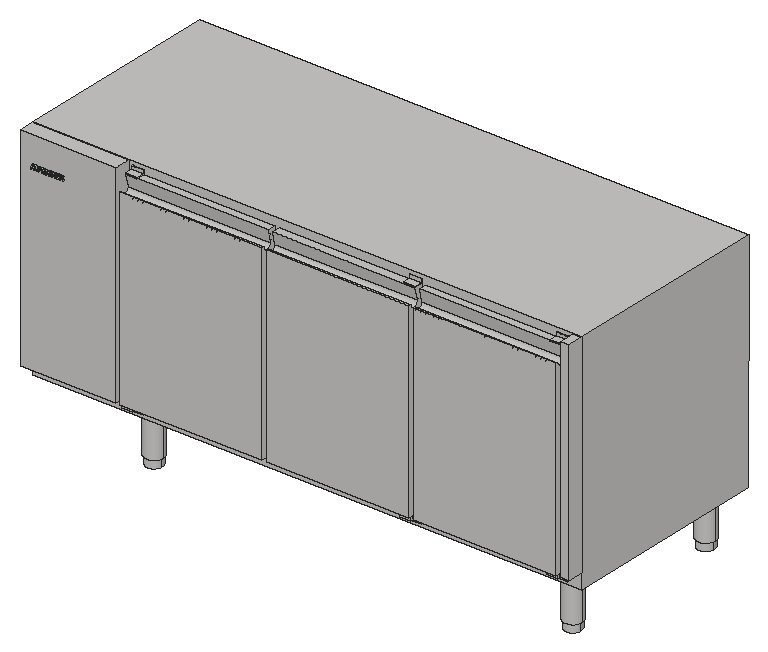
Revit family "QF_ALPENINOX_721041_AK3R7AAA", category Attrezzature speciali, Revit 2018 (continued)
Definition of nested family "HPC_APX_BI_TN_L"
  Lines and regions (mm)
    Split face 120
      outline origin (110, -951.3, 50) x (1, 0, 0) y (0, 1, 0)
        loop
          arc (-176.464, 599.474) -> (-172.464, 603.474) -> (-176.464, 607.474) r 4
          line (-176.464, 607.474) -> (-218.464, 607.474)
    Split face 121
      outline origin (220, -951.3, 50) x (1, 0, 0) y (0, 1, 0)
        loop
          arc (-273.464, 607.474) -> (-277.464, 603.474) -> (-273.464, 599.474) r 4
          line (-273.464, 599.474) -> (-231.464, 599.474)
          arc (-231.464, 599.474) -> (-227.464, 603.474) -> (-231.464, 607.474) r 4
          line (-231.464, 607.474) -> (-273.464, 607.474)
    Split face 122
      outline origin (0, -975.3, 50) x (1, 0, 0) y (0, 1, 0)
        loop
          arc (-163.464, 619.474) -> (-167.464, 615.474) -> (-163.464, 611.474) r 4
          line (-163.464, 611.474) -> (-121.464, 611.474)
          arc (-121.464, 611.474) -> (-117.464, 615.474) -> (-121.464, 619.474) r 4
          line (-121.464, 619.474) -> (-163.464, 619.474)
    Split face 123
      outline origin (330, -975.3, 50) x (1, 0, 0) y (0, 1, 0)
        loop
          arc (-328.464, 619.474) -> (-332.464, 615.474) -> (-328.464, 611.474) r 4
          line (-328.464, 611.474) -> (-286.464, 611.474)
          arc (-286.464, 611.474) -> (-282.464, 615.474) -> (-286.464, 619.474) r 4
          line (-286.464, 619.474) -> (-328.464, 619.474)
    Split face 124
      outline origin (110, -975.3, 50) x (1, 0, 0) y (0, 1, 0)
        loop
          arc (-218.464, 619.474) -> (-222.464, 615.474) -> (-218.464, 611.474) r 4
          line (-218.464, 611.474) -> (-176.464, 611.474)
          arc (-176.464, 611.474) -> (-172.464, 615.474) -> (-176.464, 619.474) r 4
          line (-176.464, 619.474) -> (-218.464, 619.474)
    Split face 125
      outline origin (220, -975.3, 50) x (1, 0, 0) y (0, 1, 0)
        loop
          arc (-273.464, 619.474) -> (-277.464, 615.474) -> (-273.464, 611.474) r 4
          line (-273.464, 611.474) -> (-231.464, 611.474)
          arc (-231.464, 611.474) -> (-227.464, 615.474) -> (-231.464, 619.474) r 4
          line (-231.464, 619.474) -> (-273.464, 619.474)
    Split face 126
      outline origin (0, -999.3, 50) x (1, 0, 0) y (0, 1, 0)
        loop
          arc (-163.464, 631.474) -> (-167.464, 627.474) -> (-163.464, 623.474) r 4
          line (-163.464, 623.474) -> (-121.464, 623.474)
          arc (-121.464, 623.474) -> (-117.464, 627.474) -> (-121.464, 631.474) r 4
          line (-121.464, 631.474) -> (-163.464, 631.474)
    Split face 127
      outline origin (330, -999.3, 50) x (1, 0, 0) y (0, 1, 0)
        loop
          arc (-328.464, 631.474) -> (-332.464, 627.474) -> (-328.464, 623.474) r 4
          line (-328.464, 623.474) -> (-286.464, 623.474)
          arc (-286.464, 623.474) -> (-282.464, 627.474) -> (-286.464, 631.474) r 4
          line (-286.464, 631.474) -> (-328.464, 631.474)
    Split face 128
      outline origin (110, -999.3, 50) x (1, 0, 0) y (0, 1, 0)
        loop
          arc (-218.464, 631.474) -> (-222.464, 627.474) -> (-218.464, 623.474) r 4
          line (-218.464, 623.474) -> (-176.464, 623.474)
          arc (-176.464, 623.474) -> (-172.464, 627.474) -> (-176.464, 631.474) r 4
          line (-176.464, 631.474) -> (-218.464, 631.474)
    Split face 129
      outline origin (220, -999.3, 50) x (1, 0, 0) y (0, 1, 0)
        loop
          arc (-273.464, 631.474) -> (-277.464, 627.474) -> (-273.464, 623.474) r 4
          line (-273.464, 623.474) -> (-231.464, 623.474)
          arc (-231.464, 623.474) -> (-227.464, 627.474) -> (-231.464, 631.474) r 4
          line (-231.464, 631.474) -> (-273.464, 631.474)
    Split face 130
      outline origin (0, -1023.3, 50) x (1, 0, 0) y (0, 1, 0)
        loop
          arc (-163.464, 643.474) -> (-167.464, 639.474) -> (-163.464, 635.474) r 4
          line (-163.464, 635.474) -> (-121.464, 635.474)
          arc (-121.464, 635.474) -> (-117.464, 639.474) -> (-121.464, 643.474) r 4
          line (-121.464, 643.474) -> (-163.464, 643.474)
    Split face 131
      outline origin (330, -1023.3, 50) x (1, 0, 0) y (0, 1, 0)
        loop
          arc (-328.464, 643.474) -> (-332.464, 639.474) -> (-328.464, 635.474) r 4
          line (-328.464, 635.474) -> (-286.464, 635.474)
          arc (-286.464, 635.474) -> (-282.464, 639.474) -> (-286.464, 643.474) r 4
          line (-286.464, 643.474) -> (-328.464, 643.474)
    Split face 132
      outline origin (110, -1023.3, 50) x (1, 0, 0) y (0, 1, 0)
        loop
          arc (-218.464, 643.474) -> (-222.464, 639.474) -> (-218.464, 635.474) r 4
          line (-218.464, 635.474) -> (-176.464, 635.474)
          arc (-176.464, 635.474) -> (-172.464, 639.474) -> (-176.464, 643.474) r 4
          line (-176.464, 643.474) -> (-218.464, 643.474)
    Split face 133
      outline origin (220, -1023.3, 50) x (1, 0, 0) y (0, 1, 0)
        loop
          arc (-273.464, 643.474) -> (-277.464, 639.474) -> (-273.464, 635.474) r 4
          line (-273.464, 635.474) -> (-231.464, 635.474)
          arc (-231.464, 635.474) -> (-227.464, 639.474) -> (-231.464, 643.474) r 4
          line (-231.464, 643.474) -> (-273.464, 643.474)
    symbolic lines
      curve 1: line (87.08, -74, 50) -> (87.08, -74, 0)
  Dimensions and locks
    equal spacing: plane 6, plane 1 "Center (Front/Back)", plane 7
    equal spacing: plane 4, plane 3 "Center (Left/Right)", plane 5
    aligned and locked: plane 2 to Extrusion 1
    aligned and locked: level to Extrusion 1
  Automatic sketch dimensions
    Split face 5 sketch curve to Split face 5 sketch curve = 42 mm
    Split face 5 sketch curve to Split face 5 sketch curve = 4 mm
    Split face 6 sketch curve to Split face 6 sketch curve = 42 mm
    Split face 6 sketch curve to Split face 6 sketch curve = 4 mm
    Split face 7 sketch curve to Split face 7 sketch curve = 42 mm
    Split face 7 sketch curve to Split face 7 sketch curve = 4 mm
    Split face 8 sketch curve to Split face 8 sketch curve = 42 mm
    Split face 8 sketch curve to Split face 8 sketch curve = 4 mm
    Split face 9 sketch curve to Split face 9 sketch curve = 42 mm
    Split face 9 sketch curve to Split face 9 sketch curve = 4 mm
    Split face 10 sketch curve to Split face 10 sketch curve = 42 mm
    Split face 10 sketch curve to Split face 10 sketch curve = 4 mm
    Split face 11 sketch curve to Split face 11 sketch curve = 42 mm
    Split face 11 sketch curve to Split face 11 sketch curve = 4 mm
    Split face 12 sketch curve to Split face 12 sketch curve = 42 mm
    Split face 12 sketch curve to Split face 12 sketch curve = 4 mm
    Split face 13 sketch curve to Split face 13 sketch curve = 42 mm
    Split face 13 sketch curve to Split face 13 sketch curve = 4 mm
    Split face 14 sketch curve to Split face 14 sketch curve = 42 mm
    Split face 14 sketch curve to Split face 14 sketch curve = 4 mm
    Split face 15 sketch curve to Split face 15 sketch curve = 42 mm
    Split face 15 sketch curve to Split face 15 sketch curve = 4 mm
    Split face 16 sketch curve to Split face 16 sketch curve = 42 mm
    Split face 16 sketch curve to Split face 16 sketch curve = 4 mm
    Split face 17 sketch curve to Split face 17 sketch curve = 42 mm
    Split face 17 sketch curve to Split face 17 sketch curve = 4 mm
    Split face 18 sketch curve to Split face 18 sketch curve = 42 mm
    Split face 18 sketch curve to Split face 18 sketch curve = 4 mm
    Split face 19 sketch curve to Split face 19 sketch curve = 42 mm
    Split face 19 sketch curve to Split face 19 sketch curve = 4 mm
    Split face 20 sketch curve to Split face 20 sketch curve = 42 mm
    Split face 20 sketch curve to Split face 20 sketch curve = 4 mm
    Split face 21 sketch curve to Split face 21 sketch curve = 42 mm
    Split face 21 sketch curve to Split face 21 sketch curve = 4 mm
    Split face 22 sketch curve to Split face 22 sketch curve = 42 mm
    Split face 22 sketch curve to Split face 22 sketch curve = 4 mm
    Split face 23 sketch curve to Split face 23 sketch curve = 42 mm
    Split face 23 sketch curve to Split face 23 sketch curve = 4 mm
    Split face 24 sketch curve to Split face 24 sketch curve = 42 mm
    Split face 24 sketch curve to Split face 24 sketch curve = 4 mm
    Split face 25 sketch curve to Split face 25 sketch curve = 42 mm
    Split face 25 sketch curve to Split face 25 sketch curve = 4 mm
    Split face 26 sketch curve to Split face 26 sketch curve = 42 mm
    Split face 26 sketch curve to Split face 26 sketch curve = 4 mm
    Split face 27 sketch curve to Split face 27 sketch curve = 42 mm
    Split face 27 sketch curve to Split face 27 sketch curve = 4 mm
    Split face 28 sketch curve to Split face 28 sketch curve = 42 mm
    Split face 28 sketch curve to Split face 28 sketch curve = 4 mm
    Split face 29 sketch curve to Split face 29 sketch curve = 42 mm
    Split face 29 sketch curve to Split face 29 sketch curve = 4 mm
    Split face 30 sketch curve to Split face 30 sketch curve = 42 mm
    Split face 30 sketch curve to Split face 30 sketch curve = 4 mm
    Split face 31 sketch curve to Split face 31 sketch curve = 42 mm
    Split face 31 sketch curve to Split face 31 sketch curve = 4 mm
    Split face 32 sketch curve to Split face 32 sketch curve = 42 mm
    Split face 32 sketch curve to Split face 32 sketch curve = 4 mm
    Split face 33 sketch curve to Split face 33 sketch curve = 42 mm
    Split face 33 sketch curve to Split face 33 sketch curve = 4 mm
    Split face 34 sketch curve to Split face 34 sketch curve = 42 mm
    Split face 34 sketch curve to Split face 34 sketch curve = 4 mm
    Split face 35 sketch curve to Split face 35 sketch curve = 42 mm
    Split face 35 sketch curve to Split face 35 sketch curve = 4 mm
    Split face 36 sketch curve to Split face 36 sketch curve = 42 mm
    Split face 36 sketch curve to Split face 36 sketch curve = 4 mm
    Split face 37 sketch curve to Split face 37 sketch curve = 42 mm
    Split face 37 sketch curve to Split face 37 sketch curve = 4 mm
    Split face 38 sketch curve to Split face 38 sketch curve = 42 mm
    Split face 38 sketch curve to Split face 38 sketch curve = 4 mm
    Split face 39 sketch curve to Split face 39 sketch curve = 42 mm
    Split face 39 sketch curve to Split face 39 sketch curve = 4 mm
    Split face 40 sketch curve to Split face 40 sketch curve = 42 mm
    Split face 40 sketch curve to Split face 40 sketch curve = 4 mm
    Split face 41 sketch curve to Split face 41 sketch curve = 42 mm
    Split face 41 sketch curve to Split face 41 sketch curve = 4 mm
    Split face 42 sketch curve to Split face 42 sketch curve = 42 mm
    Split face 42 sketch curve to Split face 42 sketch curve = 4 mm
    Split face 43 sketch curve to Split face 43 sketch curve = 42 mm
    Split face 43 sketch curve to Split face 43 sketch curve = 4 mm
    Split face 44 sketch curve to Split face 44 sketch curve = 42 mm
    Split face 44 sketch curve to Split face 44 sketch curve = 4 mm
    Split face 45 sketch curve to Split face 45 sketch curve = 42 mm
    Split face 45 sketch curve to Split face 45 sketch curve = 4 mm
    Split face 46 sketch curve to Split face 46 sketch curve = 42 mm
    Split face 46 sketch curve to Split face 46 sketch curve = 4 mm
    Split face 47 sketch curve to Split face 47 sketch curve = 42 mm
    Split face 47 sketch curve to Split face 47 sketch curve = 4 mm
    Split face 48 sketch curve to Split face 48 sketch curve = 42 mm
    Split face 48 sketch curve to Split face 48 sketch curve = 4 mm
    Split face 49 sketch curve to Split face 49 sketch curve = 42 mm
    Split face 49 sketch curve to Split face 49 sketch curve = 4 mm
    Split face 50 sketch curve to Split face 50 sketch curve = 42 mm
    Split face 50 sketch curve to Split face 50 sketch curve = 4 mm
    Split face 51 sketch curve to Split face 51 sketch curve = 42 mm
    Split face 51 sketch curve to Split face 51 sketch curve = 4 mm
    Split face 52 sketch curve to Split face 52 sketch curve = 42 mm
    Split face 52 sketch curve to Split face 52 sketch curve = 4 mm
    Split face 53 sketch curve to Split face 53 sketch curve = 42 mm
    Split face 53 sketch curve to Split face 53 sketch curve = 4 mm
    Split face 54 sketch curve to Split face 54 sketch curve = 42 mm
    Split face 54 sketch curve to Split face 54 sketch curve = 4 mm
    Split face 55 sketch curve to Split face 55 sketch curve = 42 mm
    Split face 55 sketch curve to Split face 55 sketch curve = 4 mm
    Split face 56 sketch curve to Split face 56 sketch curve = 42 mm
    Split face 56 sketch curve to Split face 56 sketch curve = 4 mm
    Split face 57 sketch curve to Split face 57 sketch curve = 42 mm
    Split face 57 sketch curve to Split face 57 sketch curve = 4 mm
    Split face 58 sketch curve to Split face 58 sketch curve = 42 mm
    Split face 58 sketch curve to Split face 58 sketch curve = 4 mm
    Split face 59 sketch curve to Split face 59 sketch curve = 42 mm
    Split face 59 sketch curve to Split face 59 sketch curve = 4 mm
    Split face 60 sketch curve to Split face 60 sketch curve = 42 mm
    Split face 60 sketch curve to Split face 60 sketch curve = 4 mm
    Split face 61 sketch curve to Split face 61 sketch curve = 42 mm
    Split face 61 sketch curve to Split face 61 sketch curve = 4 mm
    Split face 62 sketch curve to Split face 62 sketch curve = 42 mm
    Split face 62 sketch curve to Split face 62 sketch curve = 4 mm
    Split face 63 sketch curve to Split face 63 sketch curve = 42 mm
    Split face 63 sketch curve to Split face 63 sketch curve = 4 mm
    Split face 64 sketch curve to Split face 64 sketch curve = 42 mm
    Split face 64 sketch curve to Split face 64 sketch curve = 4 mm
    Split face 65 sketch curve to Split face 65 sketch curve = 42 mm
    Split face 65 sketch curve to Split face 65 sketch curve = 4 mm
    Split face 66 sketch curve to Split face 66 sketch curve = 42 mm
    Split face 66 sketch curve to Split face 66 sketch curve = 4 mm
    Split face 67 sketch curve to Split face 67 sketch curve = 42 mm
    Split face 67 sketch curve to Split face 67 sketch curve = 4 mm
    Split face 68 sketch curve to Split face 68 sketch curve = 42 mm
    Split face 68 sketch curve to Split face 68 sketch curve = 4 mm
    Split face 70 sketch curve to Split face 70 sketch curve = 42 mm
    Split face 70 sketch curve to Split face 70 sketch curve = 4 mm
    Split face 71 sketch curve to Split face 71 sketch curve = 42 mm
    Split face 71 sketch curve to Split face 71 sketch curve = 4 mm
    Split face 72 sketch curve to Split face 72 sketch curve = 42 mm
    Split face 72 sketch curve to Split face 72 sketch curve = 4 mm
    Split face 73 sketch curve to Split face 73 sketch curve = 42 mm
    Split face 73 sketch curve to Split face 73 sketch curve = 4 mm
    Split face 74 sketch curve to Split face 74 sketch curve = 42 mm
    Split face 74 sketch curve to Split face 74 sketch curve = 4 mm
    Split face 75 sketch curve to Split face 75 sketch curve = 42 mm
    Split face 75 sketch curve to Split face 75 sketch curve = 4 mm
    Split face 76 sketch curve to Split face 76 sketch curve = 42 mm
    Split face 76 sketch curve to Split face 76 sketch curve = 4 mm
    Split face 77 sketch curve to Split face 77 sketch curve = 42 mm
    Split face 77 sketch curve to Split face 77 sketch curve = 4 mm
    Split face 78 sketch curve to Split face 78 sketch curve = 42 mm
    Split face 78 sketch curve to Split face 78 sketch curve = 4 mm
    Split face 79 sketch curve to Split face 79 sketch curve = 42 mm
    Split face 79 sketch curve to Split face 79 sketch curve = 4 mm
    Split face 80 sketch curve to Split face 80 sketch curve = 42 mm
    Split face 80 sketch curve to Split face 80 sketch curve = 4 mm
    Split face 81 sketch curve to Split face 81 sketch curve = 42 mm
    Split face 81 sketch curve to Split face 81 sketch curve = 4 mm
    Split face 82 sketch curve to Split face 82 sketch curve = 42 mm
    Split face 82 sketch curve to Split face 82 sketch curve = 4 mm
    Split face 83 sketch curve to Split face 83 sketch curve = 42 mm
    Split face 83 sketch curve to Split face 83 sketch curve = 4 mm
    Split face 84 sketch curve to Split face 84 sketch curve = 42 mm
    Split face 84 sketch curve to Split face 84 sketch curve = 4 mm
    Split face 85 sketch curve to Split face 85 sketch curve = 42 mm
    Split face 85 sketch curve to Split face 85 sketch curve = 4 mm
    Split face 86 sketch curve to Split face 86 sketch curve = 42 mm
    Split face 86 sketch curve to Split face 86 sketch curve = 4 mm
    Split face 87 sketch curve to Split face 87 sketch curve = 42 mm
    Split face 87 sketch curve to Split face 87 sketch curve = 4 mm
    Split face 88 sketch curve to Split face 88 sketch curve = 42 mm
    Split face 88 sketch curve to Split face 88 sketch curve = 4 mm
    Split face 89 sketch curve to Split face 89 sketch curve = 42 mm
    Split face 89 sketch curve to Split face 89 sketch curve = 4 mm
    Split face 90 sketch curve to Split face 90 sketch curve = 42 mm
    Split face 90 sketch curve to Split face 90 sketch curve = 4 mm
    Split face 91 sketch curve to Split face 91 sketch curve = 42 mm
    Split face 91 sketch curve to Split face 91 sketch curve = 4 mm
    Split face 92 sketch curve to Split face 92 sketch curve = 42 mm
    Split face 92 sketch curve to Split face 92 sketch curve = 4 mm
    Split face 93 sketch curve to Split face 93 sketch curve = 42 mm
    Split face 93 sketch curve to Split face 93 sketch curve = 4 mm
    Split face 94 sketch curve to Split face 94 sketch curve = 42 mm
    Split face 94 sketch curve to Split face 94 sketch curve = 4 mm
    Split face 95 sketch curve to Split face 95 sketch curve = 42 mm
    Split face 95 sketch curve to Split face 95 sketch curve = 4 mm
    Split face 96 sketch curve to Split face 96 sketch curve = 42 mm
    Split face 96 sketch curve to Split face 96 sketch curve = 4 mm
    Split face 97 sketch curve to Split face 97 sketch curve = 42 mm
    Split face 97 sketch curve to Split face 97 sketch curve = 4 mm
    Split face 98 sketch curve to Split face 98 sketch curve = 42 mm
    Split face 98 sketch curve to Split face 98 sketch curve = 4 mm
    Split face 99 sketch curve to Split face 99 sketch curve = 42 mm
    Split face 99 sketch curve to Split face 99 sketch curve = 4 mm
    Split face 100 sketch curve to Split face 100 sketch curve = 42 mm
    Split face 100 sketch curve to Split face 100 sketch curve = 4 mm
    Split face 101 sketch curve to Split face 101 sketch curve = 42 mm
    Split face 101 sketch curve to Split face 101 sketch curve = 4 mm
    Split face 102 sketch curve to Split face 102 sketch curve = 42 mm
    Split face 102 sketch curve to Split face 102 sketch curve = 4 mm
    Split face 103 sketch curve to Split face 103 sketch curve = 42 mm
    Split face 103 sketch curve to Split face 103 sketch curve = 4 mm
    Split face 104 sketch curve to Split face 104 sketch curve = 42 mm
    Split face 104 sketch curve to Split face 104 sketch curve = 4 mm
    Split face 105 sketch curve to Split face 105 sketch curve = 42 mm
    Split face 105 sketch curve to Split face 105 sketch curve = 4 mm
    Split face 106 sketch curve to Split face 106 sketch curve = 42 mm
    Split face 106 sketch curve to Split face 106 sketch curve = 4 mm
    Split face 107 sketch curve to Split face 107 sketch curve = 42 mm
    Split face 107 sketch curve to Split face 107 sketch curve = 4 mm
    Split face 108 sketch curve to Split face 108 sketch curve = 42 mm
    Split face 108 sketch curve to Split face 108 sketch curve = 4 mm
    Split face 109 sketch curve to Split face 109 sketch curve = 42 mm
    Split face 109 sketch curve to Split face 109 sketch curve = 4 mm
    Split face 110 sketch curve to Split face 110 sketch curve = 42 mm
    Split face 110 sketch curve to Split face 110 sketch curve = 4 mm
    Split face 111 sketch curve to Split face 111 sketch curve = 42 mm
    Split face 111 sketch curve to Split face 111 sketch curve = 4 mm
    Split face 112 sketch curve to Split face 112 sketch curve = 42 mm
    Split face 112 sketch curve to Split face 112 sketch curve = 4 mm
    Split face 113 sketch curve to Split face 113 sketch curve = 42 mm
    Split face 113 sketch curve to Split face 113 sketch curve = 4 mm
    Split face 114 sketch curve to Split face 114 sketch curve = 42 mm
    Split face 114 sketch curve to Split face 114 sketch curve = 4 mm
    Split face 115 sketch curve to Split face 115 sketch curve = 42 mm
    Split face 115 sketch curve to Split face 115 sketch curve = 4 mm
    Split face 116 sketch curve to Split face 116 sketch curve = 42 mm
    Split face 116 sketch curve to Split face 116 sketch curve = 4 mm
    Split face 117 sketch curve to Split face 117 sketch curve = 42 mm
    Split face 117 sketch curve to Split face 117 sketch curve = 4 mm
    Split face 118 sketch curve to Split face 118 sketch curve = 42 mm
    Split face 118 sketch curve to Split face 118 sketch curve = 4 mm
    Split face 119 sketch curve to Split face 119 sketch curve = 42 mm
    Split face 119 sketch curve to Split face 119 sketch curve = 4 mm
    Split face 120 sketch curve to Split face 120 sketch curve = 42 mm
    Split face 120 sketch curve to Split face 120 sketch curve = 4 mm
    Split face 121 sketch curve to Split face 121 sketch curve = 42 mm
    Split face 121 sketch curve to Split face 121 sketch curve = 4 mm
    Split face 122 sketch curve to Split face 122 sketch curve = 42 mm
    Split face 122 sketch curve to Split face 122 sketch curve = 4 mm
    Split face 123 sketch curve to Split face 123 sketch curve = 42 mm
    Split face 123 sketch curve to Split face 123 sketch curve = 4 mm
    Split face 124 sketch curve to Split face 124 sketch curve = 42 mm
    Split face 124 sketch curve to Split face 124 sketch curve = 4 mm
    Split face 125 sketch curve to Split face 125 sketch curve = 42 mm
    Split face 125 sketch curve to Split face 125 sketch curve = 4 mm
    Split face 126 sketch curve to Split face 126 sketch curve = 42 mm
    Split face 126 sketch curve to Split face 126 sketch curve = 4 mm
    Split face 127 sketch curve to Split face 127 sketch curve = 42 mm
    Split face 127 sketch curve to Split face 127 sketch curve = 4 mm
    Split face 128 sketch curve to Split face 128 sketch curve = 42 mm
    Split face 128 sketch curve to Split face 128 sketch curve = 4 mm
    Split face 129 sketch curve to Split face 129 sketch curve = 42 mm
    Split face 129 sketch curve to Split face 129 sketch curve = 4 mm
    Split face 130 sketch curve to Split face 130 sketch curve = 42 mm
    Split face 130 sketch curve to Split face 130 sketch curve = 4 mm
    Split face 131 sketch curve to Split face 131 sketch curve = 42 mm
    Split face 131 sketch curve to Split face 131 sketch curve = 4 mm
    Split face 132 sketch curve to Split face 132 sketch curve = 42 mm
    Split face 132 sketch curve to Split face 132 sketch curve = 4 mm
    Split face 133 sketch curve to Split face 133 sketch curve = 42 mm
    Split face 133 sketch curve to Split face 133 sketch curve = 4 mm
    Extrusion 1 sketch curve to Extrusion 1 sketch curve = 2438.4 mm  (x2)
    Extrusion 2 sketch curve to plane 4 = 0 mm
    Extrusion 2 sketch curve to plane 5 = 0 mm
    Extrusion 2 sketch curve to plane 7 = 0 mm
    Extrusion 2 sketch curve to plane 6 = 0 mm
    Split face 1 sketch curve to Extrusion 2 = 0 mm  (x2)
    Split face 1 sketch curve to Extrusion 2 = 34 mm
    Split face 1 sketch curve to Extrusion 2 = 104 mm
    Split face 1 sketch curve to Split face 1 sketch curve = 17.5 mm
    Split face 2 sketch curve to Extrusion 2 = 130.5 mm
    Split face 2 sketch curve to Extrusion 2 = 60.5 mm
    Split face 2 sketch curve to Extrusion 2 = 98 mm
    Split face 2 sketch curve to Split face 2 sketch curve = 23 mm
    Split face 3 sketch curve to Extrusion 2 = 80.5 mm
    Split face 3 sketch curve to Split face 3 sketch curve = 17 mm  (x2)
    Split face 3 sketch curve to Extrusion 2 = 95 mm
    plane 4 to Extrusion 3 sketch curve = 34.51 mm
    Extrusion 3 sketch curve to Extrusion 3 sketch curve = 1.266 mm
    Extrusion 3 sketch curve to Extrusion 3 sketch curve = 1.307 mm
    Extrusion 3 sketch curve to Extrusion 3 sketch curve = 0.57 mm
    Extrusion 3 sketch curve to Extrusion 3 sketch curve = 0.593 mm
    Extrusion 3 sketch curve to Extrusion 3 sketch curve = 0.799 mm
    Extrusion 3 sketch curve to Extrusion 3 sketch curve = 1.99 mm  (x2)
    Extrusion 3 sketch curve to Extrusion 3 sketch curve = 0.003 mm
    Extrusion 3 sketch curve to Extrusion 3 sketch curve = 3.534 mm
    Extrusion 3 sketch curve to Extrusion 3 sketch curve = 0.835 mm
    Extrusion 3 sketch curve to Extrusion 3 sketch curve = 0.56 mm
    Extrusion 3 sketch curve to Extrusion 3 sketch curve = 1.268 mm
    Extrusion 3 sketch curve to Extrusion 3 sketch curve = 1.223 mm
    Extrusion 3 sketch curve to Extrusion 3 sketch curve = 1.344 mm
    Extrusion 3 sketch curve to Extrusion 3 sketch curve = 1.394 mm  (x2)
    Extrusion 3 sketch curve to Extrusion 3 sketch curve = 1.512 mm
    Extrusion 3 sketch curve to Extrusion 3 sketch curve = 3.309 mm
    Extrusion 3 sketch curve to Extrusion 3 sketch curve = 5.841 mm
    Extrusion 3 sketch curve to Extrusion 3 sketch curve = 1.393 mm
    Extrusion 3 sketch curve to Extrusion 3 sketch curve = 1.439 mm
    Extrusion 3 sketch curve to Extrusion 3 sketch curve = 0 mm  (x19)
    Extrusion 3 sketch curve to Extrusion 3 sketch curve = 1.902 mm
    Extrusion 3 sketch curve to Extrusion 3 sketch curve = 0.052 mm
    Extrusion 3 sketch curve to Extrusion 3 sketch curve = 2.065 mm
    Extrusion 3 sketch curve to Extrusion 3 sketch curve = 0.647 mm
    Extrusion 3 sketch curve to Extrusion 3 sketch curve = 8.079 mm
    Extrusion 3 sketch curve to Extrusion 3 sketch curve = 0.073 mm
    Extrusion 3 sketch curve to Extrusion 3 sketch curve = 2.145 mm
    Extrusion 3 sketch curve to Extrusion 3 sketch curve = 2.931 mm
    Extrusion 3 sketch curve to Extrusion 3 sketch curve = 0.213 mm
    Extrusion 3 sketch curve to Extrusion 3 sketch curve = 0.026 mm
    Extrusion 3 sketch curve to Extrusion 3 sketch curve = 0.263 mm
    Extrusion 3 sketch curve to Extrusion 3 sketch curve = 0.516 mm
    Extrusion 3 sketch curve to Extrusion 3 sketch curve = 0.356 mm
    Extrusion 3 sketch curve to Extrusion 3 sketch curve = 0.387 mm
    Extrusion 3 sketch curve to Extrusion 3 sketch curve = 2.378 mm
    Extrusion 3 sketch curve to Extrusion 3 sketch curve = 2.466 mm
    Extrusion 3 sketch curve to Extrusion 3 sketch curve = 0.602 mm
    Extrusion 3 sketch curve to Extrusion 3 sketch curve = 1.02 mm
    Extrusion 3 sketch curve to Extrusion 3 sketch curve = 0.949 mm
    Extrusion 3 sketch curve to Extrusion 3 sketch curve = 1.728 mm
    Extrusion 3 sketch curve to Extrusion 3 sketch curve = 0.157 mm  (x2)
    Extrusion 3 sketch curve to Extrusion 3 sketch curve = 0.292 mm
    Extrusion 3 sketch curve to Extrusion 3 sketch curve = 3.565 mm
    Extrusion 3 sketch curve to Extrusion 3 sketch curve = 1.396 mm  (x2)
    Extrusion 3 sketch curve to Extrusion 3 sketch curve = 1.418 mm  (x2)
    Extrusion 3 sketch curve to Extrusion 3 sketch curve = 1.151 mm  (x2)
    Extrusion 3 sketch curve to Extrusion 3 sketch curve = 5.709 mm  (x2)
    Extrusion 3 sketch curve to Extrusion 3 sketch curve = 0.224 mm  (x2)
    Extrusion 3 sketch curve to Extrusion 3 sketch curve = 1.149 mm  (x2)
    Extrusion 3 sketch curve to Extrusion 3 sketch curve = 1.395 mm  (x2)
    Extrusion 3 sketch curve to Extrusion 3 sketch curve = 1.744 mm
    Extrusion 3 sketch curve to Extrusion 3 sketch curve = 1.745 mm
    Extrusion 3 sketch curve to Extrusion 3 sketch curve = 6.963 mm
    Extrusion 3 sketch curve to Extrusion 3 sketch curve = 0.493 mm  (x3)
    Extrusion 3 sketch curve to Extrusion 3 sketch curve = 0.273 mm  (x2)
    Extrusion 3 sketch curve to Extrusion 3 sketch curve = 0.021 mm  (x2)
    Extrusion 3 sketch curve to Extrusion 3 sketch curve = 0.226 mm  (x2)
    Extrusion 3 sketch curve to Extrusion 3 sketch curve = 0.268 mm  (x2)
    Extrusion 3 sketch curve to Extrusion 3 sketch curve = 0.294 mm
    Extrusion 3 sketch curve to Extrusion 3 sketch curve = 5.238 mm
    Extrusion 3 sketch curve to Extrusion 3 sketch curve = 5.908 mm
    Extrusion 3 sketch curve to Extrusion 3 sketch curve = 1.109 mm  (x2)
    Extrusion 3 sketch curve to Extrusion 3 sketch curve = 1.108 mm  (x2)
    Extrusion 3 sketch curve to Extrusion 3 sketch curve = 1.142 mm  (x2)
    Extrusion 3 sketch curve to Extrusion 3 sketch curve = 1.216 mm  (x2)
    Extrusion 3 sketch curve to Extrusion 3 sketch curve = 3.013 mm
    Extrusion 3 sketch curve to Extrusion 3 sketch curve = 1.616 mm  (x3)
    Extrusion 3 sketch curve to Extrusion 3 sketch curve = 2.305 mm
    Extrusion 3 sketch curve to Extrusion 3 sketch curve = 3.049 mm
    Extrusion 3 sketch curve to plane 6 = 93.469 mm
    Extrusion 3 sketch curve to Extrusion 3 sketch curve = 0.498 mm
    Extrusion 3 sketch curve to Extrusion 3 sketch curve = 0.682 mm
    Extrusion 3 sketch curve to Extrusion 3 sketch curve = 0.664 mm
    Extrusion 3 sketch curve to Extrusion 3 sketch curve = 0.425 mm
    Extrusion 3 sketch curve to Extrusion 3 sketch curve = 0.41 mm
    Extrusion 3 sketch curve to Extrusion 3 sketch curve = 1.272 mm
    Extrusion 3 sketch curve to Extrusion 3 sketch curve = 0.789 mm  (x2)
    Extrusion 3 sketch curve to Extrusion 3 sketch curve = 0.056 mm
    Extrusion 3 sketch curve to Extrusion 3 sketch curve = 0.83 mm
    Extrusion 3 sketch curve to Extrusion 3 sketch curve = 1.238 mm
    Extrusion 3 sketch curve to Extrusion 3 sketch curve = 1.732 mm
    Extrusion 3 sketch curve to Extrusion 3 sketch curve = 0.346 mm
    Extrusion 3 sketch curve to Extrusion 3 sketch curve = 1.123 mm
    Extrusion 3 sketch curve to Extrusion 3 sketch curve = 3.023 mm
    Extrusion 3 sketch curve to Extrusion 3 sketch curve = 4.203 mm
    Extrusion 3 sketch curve to Extrusion 3 sketch curve = 3.452 mm  (x2)
    Extrusion 3 sketch curve to Extrusion 3 sketch curve = 2.544 mm
    Extrusion 3 sketch curve to Extrusion 3 sketch curve = 1.177 mm
    Extrusion 3 sketch curve to Extrusion 3 sketch curve = 3.261 mm
    Extrusion 3 sketch curve to Extrusion 3 sketch curve = 0.352 mm  (x2)
    Extrusion 3 sketch curve to Extrusion 3 sketch curve = 1.987 mm
    Extrusion 3 sketch curve to Extrusion 3 sketch curve = 0.171 mm
    Extrusion 3 sketch curve to Extrusion 3 sketch curve = 0.533 mm  (x3)
    Extrusion 3 sketch curve to Extrusion 3 sketch curve = 0.14 mm  (x4)
    Extrusion 3 sketch curve to Extrusion 3 sketch curve = 0.473 mm
    Extrusion 3 sketch curve to Extrusion 3 sketch curve = 0.31 mm  (x2)
    Extrusion 3 sketch curve to Extrusion 3 sketch curve = 0.075 mm
    Extrusion 3 sketch curve to Extrusion 3 sketch curve = 2.431 mm
    Extrusion 3 sketch curve to Extrusion 3 sketch curve = 2.32 mm  (x2)
    Extrusion 3 sketch curve to Extrusion 3 sketch curve = 1.992 mm
    Extrusion 3 sketch curve to Extrusion 3 sketch curve = 0.674 mm
    Extrusion 3 sketch curve to Extrusion 3 sketch curve = 0.732 mm
    Extrusion 3 sketch curve to Extrusion 3 sketch curve = 0.388 mm
    Extrusion 3 sketch curve to Extrusion 3 sketch curve = 0.121 mm
    Extrusion 3 sketch curve to Extrusion 3 sketch curve = 2.589 mm
    Extrusion 3 sketch curve to Extrusion 3 sketch curve = 0.662 mm
    Extrusion 3 sketch curve to Extrusion 3 sketch curve = 3.473 mm
    Extrusion 3 sketch curve to Extrusion 3 sketch curve = 0.681 mm
    Extrusion 3 sketch curve to Extrusion 3 sketch curve = 1.615 mm
    Extrusion 3 sketch curve to Extrusion 3 sketch curve = 0.34 mm
    Extrusion 3 sketch curve to Extrusion 3 sketch curve = 2.288 mm
    Extrusion 3 sketch curve to Extrusion 3 sketch curve = 0.942 mm
    Extrusion 3 sketch curve to Extrusion 3 sketch curve = 5.4 mm
    Extrusion 3 sketch curve to Extrusion 3 sketch curve = 1.768 mm  (x2)
    Extrusion 3 sketch curve to Extrusion 3 sketch curve = 0.761 mm
    Extrusion 3 sketch curve to Extrusion 3 sketch curve = 0.996 mm
    Extrusion 3 sketch curve to Extrusion 3 sketch curve = 3.543 mm  (x2)
    Extrusion 3 sketch curve to Extrusion 3 sketch curve = 7.017 mm
    Extrusion 3 sketch curve to Extrusion 3 sketch curve = 0.11 mm
    Extrusion 3 sketch curve to Extrusion 3 sketch curve = 0.823 mm  (x2)
    Extrusion 3 sketch curve to Extrusion 3 sketch curve = 0.947 mm
    Extrusion 3 sketch curve to Extrusion 3 sketch curve = 3.837 mm
    Extrusion 3 sketch curve to Extrusion 3 sketch curve = 0.623 mm
    Extrusion 3 sketch curve to Extrusion 3 sketch curve = 1.082 mm
    Extrusion 3 sketch curve to Extrusion 3 sketch curve = 0.801 mm
    Extrusion 3 sketch curve to Extrusion 3 sketch curve = 1 mm
    Extrusion 3 sketch curve to Extrusion 3 sketch curve = 0.089 mm
    Extrusion 3 sketch curve to Extrusion 3 sketch curve = 4.257 mm
    Extrusion 3 sketch curve to Extrusion 3 sketch curve = 4.345 mm  (x2)
    Extrusion 3 sketch curve to Extrusion 3 sketch curve = 2.576 mm
    Extrusion 3 sketch curve to Extrusion 3 sketch curve = 1.385 mm  (x4)
    Extrusion 3 sketch curve to Extrusion 3 sketch curve = 2.133 mm  (x4)
    Extrusion 3 sketch curve to Extrusion 3 sketch curve = 3.518 mm
    Extrusion 3 sketch curve to Extrusion 3 sketch curve = 5.603 mm
    Extrusion 3 sketch curve to Extrusion 3 sketch curve = 2.571 mm
    Split face 4 sketch curve to Extrusion 2 = 0 mm  (x2)
    Split face 4 sketch curve to Extrusion 2 = 64 mm
    Split face 69 sketch curve to Extrusion 2 = 0 mm  (x2)
    Split face 69 sketch curve to Extrusion 2 = 109 mm
    Split face 5 sketch curve to Extrusion 2 = 43.456 mm
    Split face 5 sketch curve to Extrusion 2 = 128.176 mm
    Split face 6 sketch curve to Extrusion 2 = 85.544 mm
    Split face 6 sketch curve to Extrusion 2 = 128.176 mm
    Split face 7 sketch curve to Extrusion 2 = 98.456 mm
    Split face 7 sketch curve to Extrusion 2 = 128.176 mm
    Split face 8 sketch curve to Extrusion 2 = 140.544 mm
    Split face 8 sketch curve to Extrusion 2 = 128.176 mm
    Split face 9 sketch curve to Extrusion 2 = 43.456 mm
    Split face 9 sketch curve to Extrusion 2 = 140.176 mm
    Split face 10 sketch curve to Extrusion 2 = 85.544 mm
    Split face 10 sketch curve to Extrusion 2 = 140.176 mm
    Split face 11 sketch curve to Extrusion 2 = 98.456 mm
    Split face 11 sketch curve to Extrusion 2 = 140.176 mm
    Split face 12 sketch curve to Extrusion 2 = 140.544 mm
    Split face 12 sketch curve to Extrusion 2 = 140.176 mm
    Split face 13 sketch curve to Extrusion 2 = 43.456 mm
    Split face 13 sketch curve to Extrusion 2 = 152.176 mm
    Split face 14 sketch curve to Extrusion 2 = 85.544 mm
    Split face 14 sketch curve to Extrusion 2 = 152.176 mm
    Split face 15 sketch curve to Extrusion 2 = 98.456 mm
    Split face 15 sketch curve to Extrusion 2 = 152.176 mm
    Split face 16 sketch curve to Extrusion 2 = 140.544 mm
    Split face 16 sketch curve to Extrusion 2 = 152.176 mm
    Split face 17 sketch curve to Extrusion 2 = 43.456 mm
    Split face 17 sketch curve to Extrusion 2 = 164.176 mm
    Split face 18 sketch curve to Extrusion 2 = 85.544 mm
    Split face 18 sketch curve to Extrusion 2 = 164.176 mm
    Split face 19 sketch curve to Extrusion 2 = 98.456 mm
    Split face 19 sketch curve to Extrusion 2 = 164.176 mm
    Split face 20 sketch curve to Extrusion 2 = 140.544 mm
    Split face 20 sketch curve to Extrusion 2 = 164.176 mm
    Split face 21 sketch curve to Extrusion 2 = 43.456 mm
    Split face 21 sketch curve to Extrusion 2 = 176.176 mm
    Split face 22 sketch curve to Extrusion 2 = 85.544 mm
    Split face 22 sketch curve to Extrusion 2 = 176.176 mm
    Split face 23 sketch curve to Extrusion 2 = 98.456 mm
    Split face 23 sketch curve to Extrusion 2 = 176.176 mm
    Split face 24 sketch curve to Extrusion 2 = 140.544 mm
    Split face 24 sketch curve to Extrusion 2 = 176.176 mm
    Split face 25 sketch curve to Extrusion 2 = 43.456 mm
    Split face 25 sketch curve to Extrusion 2 = 188.176 mm
    Split face 26 sketch curve to Extrusion 2 = 85.544 mm
    Split face 26 sketch curve to Extrusion 2 = 188.176 mm
    Split face 27 sketch curve to Extrusion 2 = 98.456 mm
    Split face 27 sketch curve to Extrusion 2 = 188.176 mm
    Split face 28 sketch curve to Extrusion 2 = 140.544 mm
    Split face 28 sketch curve to Extrusion 2 = 188.176 mm
    Split face 29 sketch curve to Extrusion 2 = 43.456 mm
    Split face 29 sketch curve to Extrusion 2 = 200.176 mm
    Split face 30 sketch curve to Extrusion 2 = 85.544 mm
    Split face 30 sketch curve to Extrusion 2 = 200.176 mm
    Split face 31 sketch curve to Extrusion 2 = 98.456 mm
    Split face 31 sketch curve to Extrusion 2 = 200.176 mm
    Split face 32 sketch curve to Extrusion 2 = 140.544 mm
    Split face 32 sketch curve to Extrusion 2 = 200.176 mm
    Split face 33 sketch curve to Extrusion 2 = 43.456 mm
    Split face 33 sketch curve to Extrusion 2 = 212.176 mm
    Split face 34 sketch curve to Extrusion 2 = 85.544 mm
    Split face 34 sketch curve to Extrusion 2 = 212.176 mm
    Split face 35 sketch curve to Extrusion 2 = 98.456 mm
    Split face 35 sketch curve to Extrusion 2 = 212.176 mm
    Split face 36 sketch curve to Extrusion 2 = 140.544 mm
    Split face 36 sketch curve to Extrusion 2 = 212.176 mm
    Split face 37 sketch curve to Extrusion 2 = 43.456 mm
    Split face 37 sketch curve to Extrusion 2 = 224.176 mm
    Split face 38 sketch curve to Extrusion 2 = 85.544 mm
    Split face 38 sketch curve to Extrusion 2 = 224.176 mm
    Split face 39 sketch curve to Extrusion 2 = 98.456 mm
    Split face 39 sketch curve to Extrusion 2 = 224.176 mm
    Split face 40 sketch curve to Extrusion 2 = 140.544 mm
    Split face 40 sketch curve to Extrusion 2 = 224.176 mm
    Split face 41 sketch curve to Extrusion 2 = 43.456 mm
    Split face 41 sketch curve to Extrusion 2 = 236.176 mm
    Split face 42 sketch curve to Extrusion 2 = 85.544 mm
    Split face 42 sketch curve to Extrusion 2 = 236.176 mm
    Split face 43 sketch curve to Extrusion 2 = 98.456 mm
    Split face 43 sketch curve to Extrusion 2 = 236.176 mm
    Split face 44 sketch curve to Extrusion 2 = 140.544 mm
    Split face 44 sketch curve to Extrusion 2 = 236.176 mm
    Split face 45 sketch curve to Extrusion 2 = 43.456 mm
    Split face 45 sketch curve to Extrusion 2 = 248.176 mm
    Split face 46 sketch curve to Extrusion 2 = 85.544 mm
    Split face 46 sketch curve to Extrusion 2 = 248.176 mm
    Split face 47 sketch curve to Extrusion 2 = 98.456 mm
    Split face 47 sketch curve to Extrusion 2 = 248.176 mm
    Split face 48 sketch curve to Extrusion 2 = 140.544 mm
    Split face 48 sketch curve to Extrusion 2 = 248.176 mm
    Split face 49 sketch curve to Extrusion 2 = 43.456 mm
    Split face 49 sketch curve to Extrusion 2 = 260.176 mm
    Split face 50 sketch curve to Extrusion 2 = 85.544 mm
    Split face 50 sketch curve to Extrusion 2 = 260.176 mm
    Split face 51 sketch curve to Extrusion 2 = 98.456 mm
    Split face 51 sketch curve to Extrusion 2 = 260.176 mm
    Split face 52 sketch curve to Extrusion 2 = 140.544 mm
    Split face 52 sketch curve to Extrusion 2 = 260.176 mm
    Split face 53 sketch curve to Extrusion 2 = 43.456 mm
    Split face 53 sketch curve to Extrusion 2 = 272.176 mm
    Split face 54 sketch curve to Extrusion 2 = 85.544 mm
    Split face 54 sketch curve to Extrusion 2 = 272.176 mm
    Split face 55 sketch curve to Extrusion 2 = 98.456 mm
    Split face 55 sketch curve to Extrusion 2 = 272.176 mm
    Split face 56 sketch curve to Extrusion 2 = 140.544 mm
    Split face 56 sketch curve to Extrusion 2 = 272.176 mm
    Split face 57 sketch curve to Extrusion 2 = 43.456 mm
    Split face 57 sketch curve to Extrusion 2 = 284.176 mm
    Split face 58 sketch curve to Extrusion 2 = 85.544 mm
    Split face 58 sketch curve to Extrusion 2 = 284.176 mm
    Split face 59 sketch curve to Extrusion 2 = 98.456 mm
    Split face 59 sketch curve to Extrusion 2 = 284.176 mm
    Split face 60 sketch curve to Extrusion 2 = 140.544 mm
    Split face 60 sketch curve to Extrusion 2 = 284.176 mm
    Split face 61 sketch curve to Extrusion 2 = 43.456 mm
    Split face 61 sketch curve to Extrusion 2 = 296.176 mm
    Split face 62 sketch curve to Extrusion 2 = 85.544 mm
    Split face 62 sketch curve to Extrusion 2 = 296.176 mm
    Split face 63 sketch curve to Extrusion 2 = 98.456 mm
    Split face 63 sketch curve to Extrusion 2 = 296.176 mm
    Split face 64 sketch curve to Extrusion 2 = 140.544 mm
    Split face 64 sketch curve to Extrusion 2 = 296.176 mm
    Split face 65 sketch curve to Extrusion 2 = 43.456 mm
    Split face 65 sketch curve to Extrusion 2 = 308.176 mm
    Split face 66 sketch curve to Extrusion 2 = 85.544 mm
    Split face 66 sketch curve to Extrusion 2 = 308.176 mm
    Split face 67 sketch curve to Extrusion 2 = 98.456 mm
    Split face 67 sketch curve to Extrusion 2 = 308.176 mm
    Split face 68 sketch curve to Extrusion 2 = 140.544 mm
    Split face 68 sketch curve to Extrusion 2 = 308.176 mm
    Split face 70 sketch curve to Extrusion 2 = 43.456 mm
    Split face 70 sketch curve to Extrusion 2 = 192.174 mm
    Split face 71 sketch curve to Extrusion 2 = 85.544 mm
    Split face 71 sketch curve to Extrusion 2 = 192.174 mm
    Split face 72 sketch curve to Extrusion 2 = 98.456 mm
    Split face 72 sketch curve to Extrusion 2 = 192.174 mm
    Split face 73 sketch curve to Extrusion 2 = 140.544 mm
    Split face 73 sketch curve to Extrusion 2 = 192.174 mm
    Split face 74 sketch curve to Extrusion 2 = 43.456 mm
    Split face 74 sketch curve to Extrusion 2 = 180.174 mm
    Split face 75 sketch curve to Extrusion 2 = 85.544 mm
    Split face 75 sketch curve to Extrusion 2 = 180.174 mm
    Split face 76 sketch curve to Extrusion 2 = 98.456 mm
    Split face 76 sketch curve to Extrusion 2 = 180.174 mm
    Split face 77 sketch curve to Extrusion 2 = 140.544 mm
    Split face 77 sketch curve to Extrusion 2 = 180.174 mm
    Split face 78 sketch curve to Extrusion 2 = 43.456 mm
    Split face 78 sketch curve to Extrusion 2 = 168.174 mm
    Split face 79 sketch curve to Extrusion 2 = 85.544 mm
    Split face 79 sketch curve to Extrusion 2 = 168.174 mm
    Split face 80 sketch curve to Extrusion 2 = 98.456 mm
    Split face 80 sketch curve to Extrusion 2 = 168.174 mm
    Split face 81 sketch curve to Extrusion 2 = 140.544 mm
    Split face 81 sketch curve to Extrusion 2 = 168.174 mm
    Split face 82 sketch curve to Extrusion 2 = 43.456 mm
    Split face 82 sketch curve to Extrusion 2 = 156.174 mm
    Split face 83 sketch curve to Extrusion 2 = 85.544 mm
    Split face 83 sketch curve to Extrusion 2 = 156.174 mm
    Split face 84 sketch curve to Extrusion 2 = 98.456 mm
    Split face 84 sketch curve to Extrusion 2 = 156.174 mm
    Split face 85 sketch curve to Extrusion 2 = 140.544 mm
    Split face 85 sketch curve to Extrusion 2 = 156.174 mm
    Split face 86 sketch curve to Extrusion 2 = 43.456 mm
    Split face 86 sketch curve to Extrusion 2 = 144.174 mm
    Split face 87 sketch curve to Extrusion 2 = 85.544 mm
    Split face 87 sketch curve to Extrusion 2 = 144.174 mm
    Split face 88 sketch curve to Extrusion 2 = 98.456 mm
    Split face 88 sketch curve to Extrusion 2 = 144.174 mm
    Split face 89 sketch curve to Extrusion 2 = 140.544 mm
    Split face 89 sketch curve to Extrusion 2 = 144.174 mm
    Split face 90 sketch curve to Extrusion 2 = 43.456 mm
    Split face 90 sketch curve to Extrusion 2 = 132.174 mm
    Split face 91 sketch curve to Extrusion 2 = 85.544 mm
    Split face 91 sketch curve to Extrusion 2 = 132.174 mm
    Split face 92 sketch curve to Extrusion 2 = 98.456 mm
    Split face 92 sketch curve to Extrusion 2 = 132.174 mm
    Split face 93 sketch curve to Extrusion 2 = 140.544 mm
    Split face 93 sketch curve to Extrusion 2 = 132.174 mm
    Split face 94 sketch curve to Extrusion 2 = 43.456 mm
    Split face 94 sketch curve to Extrusion 2 = 120.174 mm
    Split face 95 sketch curve to Extrusion 2 = 85.544 mm
    Split face 95 sketch curve to Extrusion 2 = 120.174 mm
    Split face 96 sketch curve to Extrusion 2 = 98.456 mm
    Split face 96 sketch curve to Extrusion 2 = 120.174 mm
    Split face 97 sketch curve to Extrusion 2 = 140.544 mm
    Split face 97 sketch curve to Extrusion 2 = 120.174 mm
    Split face 98 sketch curve to Extrusion 2 = 43.456 mm
    Split face 98 sketch curve to Extrusion 2 = 108.174 mm
    Split face 99 sketch curve to Extrusion 2 = 85.544 mm
    Split face 99 sketch curve to Extrusion 2 = 108.174 mm
    Split face 100 sketch curve to Extrusion 2 = 98.456 mm
    Split face 100 sketch curve to Extrusion 2 = 108.174 mm
    Split face 101 sketch curve to Extrusion 2 = 140.544 mm
    Split face 101 sketch curve to Extrusion 2 = 108.174 mm
    Split face 102 sketch curve to Extrusion 2 = 43.456 mm
    Split face 102 sketch curve to Extrusion 2 = 96.174 mm
    Split face 103 sketch curve to Extrusion 2 = 85.544 mm
    Split face 103 sketch curve to Extrusion 2 = 96.174 mm
    Split face 104 sketch curve to Extrusion 2 = 98.456 mm
    Split face 104 sketch curve to Extrusion 2 = 96.174 mm
    Split face 105 sketch curve to Extrusion 2 = 140.544 mm
    Split face 105 sketch curve to Extrusion 2 = 96.174 mm
    Split face 106 sketch curve to Extrusion 2 = 43.456 mm
    Split face 106 sketch curve to Extrusion 2 = 84.174 mm
    Split face 107 sketch curve to Extrusion 2 = 85.544 mm
    Split face 107 sketch curve to Extrusion 2 = 84.174 mm
    Split face 108 sketch curve to Extrusion 2 = 98.456 mm
    Split face 108 sketch curve to Extrusion 2 = 84.174 mm
    Split face 109 sketch curve to Extrusion 2 = 140.544 mm
    Split face 109 sketch curve to Extrusion 2 = 84.174 mm
    Split face 110 sketch curve to Extrusion 2 = 43.456 mm
    Split face 110 sketch curve to Extrusion 2 = 72.174 mm
    Split face 111 sketch curve to Extrusion 2 = 85.544 mm
    Split face 111 sketch curve to Extrusion 2 = 72.174 mm
    Split face 112 sketch curve to Extrusion 2 = 98.456 mm
    Split face 112 sketch curve to Extrusion 2 = 72.174 mm
    Split face 113 sketch curve to Extrusion 2 = 140.544 mm
    Split face 113 sketch curve to Extrusion 2 = 72.174 mm
    Split face 114 sketch curve to Extrusion 2 = 43.456 mm
    Split face 114 sketch curve to Extrusion 2 = 60.174 mm
    Split face 115 sketch curve to Extrusion 2 = 85.544 mm
    Split face 115 sketch curve to Extrusion 2 = 60.174 mm
    Split face 116 sketch curve to Extrusion 2 = 98.456 mm
    Split face 116 sketch curve to Extrusion 2 = 60.174 mm
    Split face 117 sketch curve to Extrusion 2 = 68.174 mm
    Split face 117 sketch curve to Extrusion 2 = 140.544 mm
    Split face 118 sketch curve to Extrusion 2 = 43.456 mm
    Split face 118 sketch curve to Extrusion 2 = 48.174 mm
    Split face 119 sketch curve to Extrusion 2 = 85.544 mm
    Split face 119 sketch curve to Extrusion 2 = 48.174 mm
    Split face 120 sketch curve to Extrusion 2 = 98.456 mm
    Split face 120 sketch curve to Extrusion 2 = 48.174 mm
    Split face 121 sketch curve to Extrusion 2 = 56.174 mm
    Split face 121 sketch curve to Extrusion 2 = 140.544 mm
    Split face 122 sketch curve to Extrusion 2 = 43.456 mm
    Split face 122 sketch curve to Extrusion 2 = 36.174 mm
    Split face 123 sketch curve to Extrusion 2 = 85.544 mm
    Split face 123 sketch curve to Extrusion 2 = 36.174 mm
    Split face 124 sketch curve to Extrusion 2 = 44.174 mm
    Split face 124 sketch curve to Extrusion 2 = 98.456 mm
    Split face 125 sketch curve to Extrusion 2 = 44.174 mm
    Split face 125 sketch curve to Extrusion 2 = 140.544 mm
    Split face 126 sketch curve to Extrusion 2 = 43.456 mm
    Split face 126 sketch curve to Extrusion 2 = 24.174 mm
    Split face 127 sketch curve to Extrusion 2 = 32.174 mm
    Split face 127 sketch curve to Extrusion 2 = 85.544 mm
    Split face 128 sketch curve to Extrusion 2 = 32.174 mm
    Split face 128 sketch curve to Extrusion 2 = 98.456 mm
    Split face 129 sketch curve to Extrusion 2 = 32.174 mm
    Split face 129 sketch curve to Extrusion 2 = 140.544 mm
    Split face 130 sketch curve to Extrusion 2 = 20.174 mm
    Split face 130 sketch curve to Extrusion 2 = 43.456 mm
    Split face 131 sketch curve to Extrusion 2 = 20.174 mm
    Split face 131 sketch curve to Extrusion 2 = 85.544 mm
    Split face 132 sketch curve to Extrusion 2 = 20.174 mm
    Split face 132 sketch curve to Extrusion 2 = 98.456 mm
    Split face 133 sketch curve to Extrusion 2 = 20.174 mm
    Split face 133 sketch curve to Extrusion 2 = 140.544 mm
    curve 1 to level = 0 mm
    curve 1 to plane 5 = 0 mm
    curve 1 to curve 1 = 50 mm
Definition of nested family "HPC_APX_SD_L"
  Parameters
    Show Clearance [instance] = yes
    Default Elevation = 1219.2 mm
  Reference planes
    plane 1 "Center (Front/Back)": y = 0
    plane 2: z = 0
    plane 3 "Center (Left/Right)": x = 0
    plane 4: x = -234
    plane 5: x = 234
  Forms (mm)
    Extrusion 1, solid
      sketch origin (0, 0, 0) x (1, 0, 0) y (0, 1, 0)
        loop
          line (-1219.2, 1219.2) -> (-1219.2, -1219.2) -> (1219.2, -1219.2) -> (1219.2, 1219.2) -> (-1219.2, 1219.2)
      from 0 to -304.8
    Extrusion 2, solid
      sketch origin (0, 0, -3) x (0, 1, 0) y (0, 0, 1)
        loop
          line (-314, 53) -> (-314, 3) -> (314, 3) -> (314, 29) -> (274.395, 20)
          arc (274.395, 20) -> (260.396, 33.803) -> (274, 47.994) r 14
          line (274, 47.994) -> (274, 53) -> (-314, 53)
      from -220 to 220
    Extrusion 3, solid
      sketch origin (0, 0, 0) x (0, 1, 0) y (0, 0, -1)
        loop
          line (-323.003, -40.312) -> (-323.003, -12.259) -> (-323.003, 0) -> (-351.511, 0) -> (-351.511, -2.5) -> (-325.503, -2.5) -> (-325.503, -42.812) -> (-316.501, -42.812) -> (-316.501, -40.312) -> (-323.003, -40.312)
        loop
          line (-314, -38.311) -> (-314, -11.804) -> (-319.752, -11.804) -> (-319.752, -14.304) -> (-316.501, -14.304) -> (-316.501, -38.311) -> (-314, -38.311)
        loop
          line (315.003, -27.948) -> (317.503, -27.948) -> (317.503, -2.5) -> (327.503, -2.5) -> (327.503, 0) -> (315.003, 0) -> (315.003, -2.948) -> (315.003, -27.948)
      from 185 to 220
    Extrusion 4, solid, visible <- "Show Clearance", detail levels coarse
      sketch origin (0, 0, -3) x (-1, 0, 0) y (0, 0, -1)
        loop
          line (220, -53) -> (-220, -53)
          arc (-220, -53) -> (-79.636, -340.04) -> (220, -451) r 430
          line (220, -451) -> (220, -53)
      from -314 to 314
  Lines and regions (mm)
    symbolic lines
      curve 1: arc (219.599, 0, 55) -> (95.934, 0, 321.503) -> (-170, 0, 446.39) r 430
      curve 2: line (-220, 0, 55) -> (-220, 0, 448)
      curve 3: line (-170, 0, 55) -> (-170, 0, 448)
      curve 4: line (-220, 0, 448) -> (-170, 0, 448)
  Dimensions and locks
    plane 4 to plane 3 "Center (Left/Right)" to plane 5 = 234 mm locked, 234 mm locked
    aligned and locked: plane 2 to Extrusion 1
    aligned and locked: level to Extrusion 1
Definition of nested family "HPC_APX_SD_R"
  Parameters
    Show Clearance [instance] = yes
    Default Elevation = 1219.2 mm
  Reference planes
    plane 1 "Center (Front/Back)": y = 0
    plane 2: z = 0
    plane 3 "Center (Left/Right)": x = 0
    plane 4: x = -234
    plane 5: x = 234
  Forms (mm)
    Extrusion 1, solid
      sketch origin (0, 0, 0) x (1, 0, 0) y (0, 1, 0)
        loop
          line (-1219.2, 1219.2) -> (-1219.2, -1219.2) -> (1219.2, -1219.2) -> (1219.2, 1219.2) -> (-1219.2, 1219.2)
      from 0 to -304.8
    Extrusion 2, solid
      sketch origin (0, 0, -3) x (0, 1, 0) y (0, 0, -1)
        loop
          line (-314, -53) -> (274, -53) -> (274, -47.994)
          arc (274, -47.994) -> (260.396, -33.803) -> (274.395, -20) r 14
          line (274.395, -20) -> (314, -29) -> (314, -3) -> (-314, -3) -> (-314, -53)
      from -220 to 220
    Extrusion 3, solid
      sketch origin (0, 0, 0) x (0, 1, 0) y (0, 0, 1)
        loop
          line (-323.003, 40.312) -> (-316.501, 40.312) -> (-316.501, 42.812) -> (-325.503, 42.812) -> (-325.503, 2.5) -> (-351.511, 2.5) -> (-351.511, 0) -> (-323.003, 0) -> (-323.003, 12.259) -> (-323.003, 40.312)
        loop
          line (-314, 38.311) -> (-316.501, 38.311) -> (-316.501, 14.304) -> (-319.752, 14.304) -> (-319.752, 11.804) -> (-314, 11.804) -> (-314, 38.311)
        loop
          line (315.003, 27.948) -> (315.003, 2.948) -> (315.003, 0) -> (327.503, 0) -> (327.503, 2.5) -> (317.503, 2.5) -> (317.503, 27.948) -> (315.003, 27.948)
      from 185 to 220
    Extrusion 4, solid, visible <- "Show Clearance", detail levels coarse
      sketch origin (0, 0, -3) x (1, 0, 0) y (0, 0, 1)
        loop
          line (220, 53) -> (220, 451)
          arc (220, 451) -> (-79.636, 340.04) -> (-220, 53) r 430
          line (-220, 53) -> (220, 53)
      from -314 to 314
  Lines and regions (mm)
    symbolic lines
      curve 1: arc (-219.599, 0, 55) -> (-95.934, 0, 321.503) -> (170, 0, 446.39) r 430
      curve 2: line (220, 0, 55) -> (220, 0, 448)
      curve 3: line (170, 0, 55) -> (170, 0, 448)
      curve 4: line (220, 0, 448) -> (170, 0, 448)
  Dimensions and locks
    plane 4 to plane 3 "Center (Left/Right)" to plane 5 = 234 mm locked, 234 mm locked
    aligned and locked: plane 2 to Extrusion 1
    aligned and locked: level to Extrusion 1
Definition of nested family "HPC_Refrigerator"
  Reference planes
    plane 1 "Center (Front/Back)": y = 0
    plane 2: z = 0
    plane 3 "Center (Left/Right)": x = 0
  Lines and regions (mm)
    detail lines, in view "Ref. Level"
      curve 1: spline (-500, 190, 0) -> (-493.185, 166.706, 0) -> (-473.205, 145, 0) -> (-441.421, 126.36, 0) -> (-400, 112.058, 0) -> (-351.764, 103.067, 0) -> (-300, 100, 0) -> (-248.236, 103.067, 0) -> (-200, 112.058, 0) -> (-158.579, 126.36, 0) -> (-126.795, 145, 0) -> (-106.815, 166.706, 0) -> (-100, 190, 0) -> (-106.815, 213.294, 0) -> (-126.795, 235, 0) -> (-158.579, 253.64, 0) -> (-200, 267.942, 0) -> (-248.236, 276.933, 0) -> (-300, 280, 0) -> (-351.764, 276.933, 0) -> (-400, 267.942, 0) -> (-441.421, 253.64, 0) -> (-473.205, 235, 0) -> (-493.185, 213.294, 0) -> (-500, 190, 0)
      curve 2: line (-300, 130, 0) -> (-300, 250, 0)
      curve 3: line (-351.962, 220, 0) -> (-248.038, 160, 0)
      curve 4: line (-351.962, 160, 0) -> (-248.038, 220, 0)
      curve 5: line (-280.884, 246.873, 0) -> (-300, 225, 0)
      curve 6: line (-300, 225, 0) -> (-319.116, 246.873, 0)
      curve 7: line (-330.311, 207.5, 0) -> (-339.696, 234.992, 0)
      curve 8: line (-358.812, 201.882, 0) -> (-330.311, 207.5, 0)
      curve 9: line (-330.311, 172.5, 0) -> (-358.812, 178.118, 0)
      curve 10: line (-339.696, 145.008, 0) -> (-330.311, 172.5, 0)
      curve 11: line (-300, 155, 0) -> (-319.116, 133.127, 0)
      curve 12: line (-280.884, 133.127, 0) -> (-300, 155, 0)
      curve 13: line (-269.689, 172.5, 0) -> (-260.304, 145.008, 0)
      curve 14: line (-241.188, 178.118, 0) -> (-269.689, 172.5, 0)
      curve 15: line (-269.689, 207.5, 0) -> (-241.188, 201.882, 0)
      curve 16: line (-260.304, 234.992, 0) -> (-269.689, 207.5, 0)
Types (2, lengths in mm): name | URL | Produttore | Phase | Modello | Descrizione
  (no name) | 0 | 0 | 0 | 0 | 0
  Standard | "http://www.alpeninox.com" | "Alpeninox" | 1 | "AK3R7AAA" | "3-DOOR REFRIGERATED COUNTER, -2+10°C, FULL AISI 304 (R290), WITHOUT WORK TOP"
